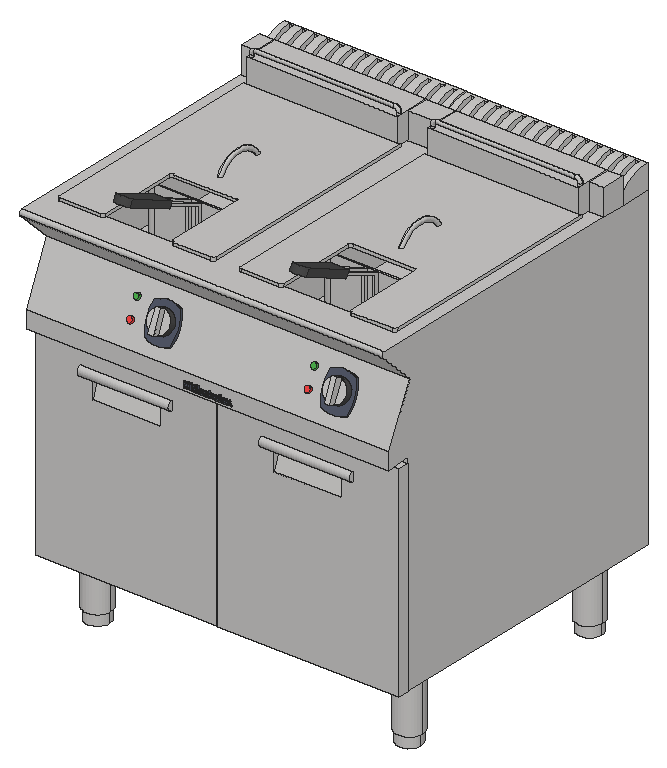
Revit family "QF_ELECTROLUXPROFESSIONAL_371144_E7FREH2FFN", category Specialty Equipment, Revit 2018 (continued)
Automatic sketch dimensions
  Extrusion 12 sketch curve to Extrusion 12 sketch curve = 106.78 mm
  Extrusion 12 sketch curve to Extrusion 12 sketch curve = 18.617 mm
  Extrusion 13 sketch curve to plane 11 = 1.013 mm
  Extrusion 13 sketch curve to plane 11 = 3.696 mm
  Extrusion 13 sketch curve to plane 10 "TOP A" = 11.567 mm
  Extrusion 13 sketch curve to plane 11 = 84.899 mm
  Extrusion 13 sketch curve to plane 10 "TOP A" = 7.522 mm
  Extrusion 13 sketch curve to Extrusion 13 sketch curve = 6.35 mm
  Extrusion 13 sketch curve to Extrusion 13 sketch curve = 97.432 mm
  Extrusion 14 sketch curve to plane 11 = 1.013 mm
  Extrusion 14 sketch curve to plane 11 = 3.696 mm
  Extrusion 14 sketch curve to plane 10 "TOP A" = 11.567 mm
  Extrusion 14 sketch curve to plane 11 = 84.899 mm
  Extrusion 14 sketch curve to Extrusion 14 sketch curve = 6.35 mm
  Extrusion 14 sketch curve to plane 10 "TOP A" = 7.522 mm
  Extrusion 14 sketch curve to Extrusion 14 sketch curve = 97.432 mm
  Sweep 15 sketch curve to plane 10 "TOP A" = 0 mm  (x2)
  Sweep 15 sketch curve to plane 8 "Center X" = 67.263 mm
  Sweep 15 sketch curve to plane 8 "Center X" = 12.824 mm
  Sweep 15 sketch curve to plane 10 "TOP A" = 26.978 mm
  Sweep 15 sketch curve to profile plane = 0 mm  (x2)
  Sweep 16 sketch curve to plane 10 "TOP A" = 0 mm  (x2)
  Sweep 16 sketch curve to plane 8 "Center X" = 67.263 mm
  Sweep 16 sketch curve to plane 8 "Center X" = 12.824 mm
  Sweep 16 sketch curve to plane 10 "TOP A" = 26.978 mm
  Sweep 16 sketch curve to profile plane = 0 mm
  profile plane to Sweep 16 sketch curve = 0 mm
  plane 7 "Center Y" to Extrusion 17 sketch curve = 175.907 mm
  Extrusion 17 sketch curve to Extrusion 17 sketch curve = 0 mm
  Extrusion 17 sketch curve to Extrusion 17 sketch curve = 11.832 mm
  Extrusion 17 sketch curve to Extrusion 17 sketch curve = 106.78 mm
  Extrusion 17 sketch curve to Extrusion 17 sketch curve = 18.617 mm
  Extrusion 19 sketch curve to plane 11 = 1.013 mm
  Extrusion 19 sketch curve to plane 11 = 3.696 mm
  Extrusion 19 sketch curve to plane 10 "TOP A" = 11.567 mm
  Extrusion 19 sketch curve to plane 11 = 84.899 mm
  Extrusion 19 sketch curve to plane 10 "TOP A" = 7.522 mm
  Extrusion 19 sketch curve to Extrusion 19 sketch curve = 6.35 mm
  Extrusion 19 sketch curve to Extrusion 19 sketch curve = 97.432 mm
  Extrusion 20 sketch curve to plane 11 = 1.013 mm
  Extrusion 20 sketch curve to plane 11 = 3.696 mm
  Extrusion 20 sketch curve to plane 10 "TOP A" = 11.567 mm
  Extrusion 20 sketch curve to plane 11 = 84.899 mm
  Extrusion 20 sketch curve to Extrusion 20 sketch curve = 6.35 mm
  Extrusion 20 sketch curve to Extrusion 20 sketch curve = 97.432 mm
  Extrusion 20 sketch curve to plane 10 "TOP A" = 7.522 mm
  plane 1 "BACK" to Extrusion 21 sketch curve = 6.761 mm
  Extrusion 21 sketch curve to plane 7 "Center Y" = 15.351 mm
  Extrusion 21 sketch curve to Extrusion 21 sketch curve = 9.296 mm
  Extrusion 21 sketch curve to Extrusion 21 sketch curve = 57.15 mm
  plane 1 "BACK" to Extrusion 22 sketch curve = 6.761 mm
  plane 3 "LEFT" to Extrusion 22 sketch curve = 50.591 mm
  Extrusion 22 sketch curve to Extrusion 22 sketch curve = 9.296 mm
  Extrusion 22 sketch curve to Extrusion 22 sketch curve = 57.15 mm
  plane 1 "BACK" to Extrusion 23 sketch curve = 6.761 mm
  plane 3 "LEFT" to Extrusion 23 sketch curve = 78.433 mm
  Extrusion 23 sketch curve to Extrusion 23 sketch curve = 9.296 mm
  Extrusion 23 sketch curve to Extrusion 23 sketch curve = 57.15 mm
  plane 1 "BACK" to Extrusion 24 sketch curve = 6.761 mm
  plane 3 "LEFT" to Extrusion 24 sketch curve = 106.275 mm
  Extrusion 24 sketch curve to Extrusion 24 sketch curve = 9.296 mm
  Extrusion 24 sketch curve to Extrusion 24 sketch curve = 57.15 mm
  plane 1 "BACK" to Extrusion 25 sketch curve = 6.761 mm
  plane 3 "LEFT" to Extrusion 25 sketch curve = 134.118 mm
  Extrusion 25 sketch curve to Extrusion 25 sketch curve = 9.296 mm
  Extrusion 25 sketch curve to Extrusion 25 sketch curve = 57.15 mm
  plane 1 "BACK" to Extrusion 26 sketch curve = 6.761 mm
  plane 3 "LEFT" to Extrusion 26 sketch curve = 161.96 mm
  Extrusion 26 sketch curve to Extrusion 26 sketch curve = 9.296 mm
  Extrusion 26 sketch curve to Extrusion 26 sketch curve = 57.15 mm
  plane 1 "BACK" to Extrusion 27 sketch curve = 6.761 mm
  plane 3 "LEFT" to Extrusion 27 sketch curve = 189.802 mm
  Extrusion 27 sketch curve to Extrusion 27 sketch curve = 9.296 mm
  Extrusion 27 sketch curve to Extrusion 27 sketch curve = 57.15 mm
  plane 1 "BACK" to Extrusion 28 sketch curve = 6.761 mm
  Extrusion 28 sketch curve to plane 7 "Center Y" = 182.405 mm
  Extrusion 28 sketch curve to Extrusion 28 sketch curve = 9.296 mm
  Extrusion 28 sketch curve to Extrusion 28 sketch curve = 57.15 mm
  plane 1 "BACK" to Extrusion 29 sketch curve = 6.761 mm
  Extrusion 29 sketch curve to plane 7 "Center Y" = 154.563 mm
  Extrusion 29 sketch curve to Extrusion 29 sketch curve = 9.296 mm
  Extrusion 29 sketch curve to Extrusion 29 sketch curve = 57.15 mm
  plane 1 "BACK" to Extrusion 30 sketch curve = 6.761 mm
  Extrusion 30 sketch curve to plane 7 "Center Y" = 126.721 mm
  Extrusion 30 sketch curve to Extrusion 30 sketch curve = 9.296 mm
  Extrusion 30 sketch curve to Extrusion 30 sketch curve = 57.15 mm
  plane 1 "BACK" to Extrusion 31 sketch curve = 6.761 mm
  Extrusion 31 sketch curve to plane 7 "Center Y" = 98.878 mm
  Extrusion 31 sketch curve to Extrusion 31 sketch curve = 9.296 mm
  Extrusion 31 sketch curve to Extrusion 31 sketch curve = 57.15 mm
  plane 1 "BACK" to Extrusion 32 sketch curve = 6.761 mm
  Extrusion 32 sketch curve to plane 7 "Center Y" = 71.036 mm
  Extrusion 32 sketch curve to Extrusion 32 sketch curve = 9.296 mm
  Extrusion 32 sketch curve to Extrusion 32 sketch curve = 57.15 mm
  plane 1 "BACK" to Extrusion 33 sketch curve = 6.761 mm
  Extrusion 33 sketch curve to plane 7 "Center Y" = 43.194 mm
  Extrusion 33 sketch curve to Extrusion 33 sketch curve = 9.296 mm
  Extrusion 33 sketch curve to Extrusion 33 sketch curve = 57.15 mm
  Extrusion 35 sketch curve to plane 1 "BACK" = 6.761 mm
  Extrusion 35 sketch curve to plane 7 "Center Y" = 15.351 mm
  Extrusion 35 sketch curve to Extrusion 35 sketch curve = 9.296 mm
  Extrusion 35 sketch curve to Extrusion 35 sketch curve = 57.15 mm
  Extrusion 42 sketch curve to plane 1 "BACK" = 6.761 mm
  Extrusion 42 sketch curve to plane 7 "Center Y" = 182.405 mm
  Extrusion 42 sketch curve to Extrusion 42 sketch curve = 9.296 mm
  Extrusion 42 sketch curve to Extrusion 42 sketch curve = 57.15 mm
  Extrusion 43 sketch curve to plane 1 "BACK" = 6.761 mm
  Extrusion 43 sketch curve to plane 7 "Center Y" = 154.563 mm
  Extrusion 43 sketch curve to Extrusion 43 sketch curve = 9.296 mm
  Extrusion 43 sketch curve to Extrusion 43 sketch curve = 57.15 mm
  Extrusion 44 sketch curve to plane 1 "BACK" = 6.761 mm
  Extrusion 44 sketch curve to plane 7 "Center Y" = 126.721 mm
  Extrusion 44 sketch curve to Extrusion 44 sketch curve = 9.296 mm
  Extrusion 44 sketch curve to Extrusion 44 sketch curve = 57.15 mm
  Extrusion 45 sketch curve to plane 1 "BACK" = 6.761 mm
  Extrusion 45 sketch curve to plane 7 "Center Y" = 98.878 mm
  Extrusion 45 sketch curve to Extrusion 45 sketch curve = 9.296 mm
  Extrusion 45 sketch curve to Extrusion 45 sketch curve = 57.15 mm
  Extrusion 46 sketch curve to plane 1 "BACK" = 6.761 mm
  Extrusion 46 sketch curve to plane 7 "Center Y" = 71.036 mm
  Extrusion 46 sketch curve to Extrusion 46 sketch curve = 9.296 mm
  Extrusion 46 sketch curve to Extrusion 46 sketch curve = 57.15 mm
  Extrusion 47 sketch curve to plane 1 "BACK" = 6.761 mm
  Extrusion 47 sketch curve to plane 7 "Center Y" = 43.194 mm
  Extrusion 47 sketch curve to Extrusion 47 sketch curve = 9.296 mm
  Extrusion 47 sketch curve to Extrusion 47 sketch curve = 57.15 mm
  plane 1 "BACK" to Extrusion 48 sketch curve = 0 mm
  plane 7 "Center Y" to Extrusion 48 sketch curve = 1.587 mm
  Extrusion 48 sketch curve to plane 7 "Center Y" = 1.588 mm
  Extrusion 48 sketch curve to plane 1 "BACK" = 69.85 mm
  Extrusion 50 sketch curve to plane 5 "FRONT" = 42.863 mm
  Extrusion 50 sketch curve to Extrusion 50 sketch curve = 15 mm
  Extrusion 50 sketch curve to plane 9 "BASE" = 101.212 mm
  Extrusion 50 sketch curve to Extrusion 50 sketch curve = 41.212 mm
  Extrusion 51 sketch curve to plane 5 "FRONT" = 42.863 mm
  Extrusion 51 sketch curve to plane 9 "BASE" = 60 mm
  Extrusion 51 sketch curve to Extrusion 51 sketch curve = 10 mm
  Extrusion 52 sketch curve to plane 5 "FRONT" = 42.863 mm
  Extrusion 52 sketch curve to Extrusion 52 sketch curve = 15 mm
  Extrusion 52 sketch curve to plane 9 "BASE" = 60 mm
  Extrusion 52 sketch curve to Extrusion 52 sketch curve = 41.212 mm
  Extrusion 53 sketch curve to plane 5 "FRONT" = 42.863 mm
  Extrusion 53 sketch curve to plane 9 "BASE" = 40 mm
  Extrusion 53 sketch curve to Extrusion 53 sketch curve = 10 mm
  Revolve 54 sketch curve to level = 0 mm
  Revolve 54 sketch curve to plane 14 = 0 mm  (x2)
  level to Revolve 54 sketch curve = 25 mm
  Revolve 54 sketch curve to Revolve 54 sketch curve = 20 mm
  plane 3 "LEFT" to Revolve 54 sketch curve = 56 mm
  Revolve 54 sketch curve to Revolve 54 sketch curve = 0 mm
  plane 3 "LEFT" to Revolve 54 sketch curve = 29.75 mm
  plane 3 "LEFT" to Revolve 54 sketch curve = 26 mm
  Revolve 55 sketch curve to level = 0 mm
  Revolve 55 sketch curve to plane 14 = 0 mm  (x2)
  level to Revolve 55 sketch curve = 25 mm
  Revolve 55 sketch curve to Revolve 55 sketch curve = 20 mm
  plane 3 "LEFT" to Revolve 55 sketch curve = 56 mm
  Revolve 55 sketch curve to Revolve 55 sketch curve = 0 mm
  plane 3 "LEFT" to Revolve 55 sketch curve = 29.75 mm
  plane 3 "LEFT" to Revolve 55 sketch curve = 26 mm
  plane 9 "BASE" to Extrusion 58 sketch curve = 9.251 mm
  plane 9 "BASE" to Extrusion 58 sketch curve = 14.292 mm
  plane 9 "BASE" to Extrusion 58 sketch curve = 14.311 mm
  Extrusion 58 sketch curve to Extrusion 58 sketch curve = 0 mm  (x28)
  Extrusion 58 sketch curve to Extrusion 58 sketch curve = 5.108 mm  (x2)
  Extrusion 58 sketch curve to Extrusion 58 sketch curve = 0.054 mm
  Extrusion 58 sketch curve to Extrusion 58 sketch curve = 0.218 mm
  Extrusion 58 sketch curve to Extrusion 58 sketch curve = 0.195 mm
  Extrusion 58 sketch curve to Extrusion 58 sketch curve = 0.249 mm
  plane 9 "BASE" to Extrusion 58 sketch curve = 14.608 mm
  Extrusion 58 sketch curve to Extrusion 58 sketch curve = 0.087 mm
  Extrusion 58 sketch curve to Extrusion 58 sketch curve = 0.358 mm
  Extrusion 58 sketch curve to Extrusion 58 sketch curve = 0.481 mm
  Extrusion 58 sketch curve to Extrusion 58 sketch curve = 0.597 mm
  Extrusion 58 sketch curve to Extrusion 58 sketch curve = 0.544 mm
  Extrusion 58 sketch curve to Extrusion 58 sketch curve = 0.936 mm
  Extrusion 58 sketch curve to Extrusion 58 sketch curve = 0.594 mm
  Extrusion 58 sketch curve to Extrusion 58 sketch curve = 0.343 mm
  Extrusion 58 sketch curve to Extrusion 58 sketch curve = 0.159 mm
  Extrusion 58 sketch curve to Extrusion 58 sketch curve = 0.826 mm
  Extrusion 58 sketch curve to Extrusion 58 sketch curve = 0.839 mm
  Extrusion 58 sketch curve to Extrusion 58 sketch curve = 0.852 mm
  Extrusion 58 sketch curve to Extrusion 58 sketch curve = 0.887 mm
  Extrusion 58 sketch curve to Extrusion 58 sketch curve = 0.928 mm
  Extrusion 58 sketch curve to Extrusion 58 sketch curve = 0.938 mm
  Extrusion 58 sketch curve to Extrusion 58 sketch curve = 0.444 mm
  Extrusion 58 sketch curve to Extrusion 58 sketch curve = 1.11 mm  (x3)
  Extrusion 58 sketch curve to Extrusion 58 sketch curve = 0.215 mm
  Extrusion 58 sketch curve to Extrusion 58 sketch curve = 1.43 mm
  Extrusion 58 sketch curve to Extrusion 58 sketch curve = 1.188 mm
  Extrusion 58 sketch curve to Extrusion 58 sketch curve = 1.21 mm  (x2)
  Extrusion 58 sketch curve to Extrusion 58 sketch curve = 0.503 mm
  Extrusion 58 sketch curve to Extrusion 58 sketch curve = 0.488 mm
  Extrusion 58 sketch curve to Extrusion 58 sketch curve = 0.462 mm
  Extrusion 58 sketch curve to Extrusion 58 sketch curve = 1.386 mm
  Extrusion 58 sketch curve to Extrusion 58 sketch curve = 1.742 mm  (x2)
  Extrusion 58 sketch curve to Extrusion 58 sketch curve = 0.821 mm
  Extrusion 58 sketch curve to Extrusion 58 sketch curve = 0.497 mm
  Extrusion 58 sketch curve to Extrusion 58 sketch curve = 0.539 mm
  Extrusion 58 sketch curve to Extrusion 58 sketch curve = 0.686 mm
  Extrusion 58 sketch curve to Extrusion 58 sketch curve = 0.408 mm
  Extrusion 58 sketch curve to Extrusion 58 sketch curve = 0.743 mm
  Extrusion 58 sketch curve to Extrusion 58 sketch curve = 1.16 mm
  Extrusion 58 sketch curve to Extrusion 58 sketch curve = 0.329 mm
  Extrusion 58 sketch curve to Extrusion 58 sketch curve = 1.054 mm
  Extrusion 58 sketch curve to Extrusion 58 sketch curve = 1.056 mm
  Extrusion 58 sketch curve to Extrusion 58 sketch curve = 0.129 mm
  Extrusion 58 sketch curve to Extrusion 58 sketch curve = 0.489 mm
  Extrusion 58 sketch curve to Extrusion 58 sketch curve = 0.441 mm
  Extrusion 58 sketch curve to Extrusion 58 sketch curve = 1.151 mm
  Extrusion 58 sketch curve to Extrusion 58 sketch curve = 1.141 mm  (x2)
  Extrusion 58 sketch curve to Extrusion 58 sketch curve = 0.768 mm
  Extrusion 58 sketch curve to Extrusion 58 sketch curve = 1.653 mm
  Extrusion 58 sketch curve to Extrusion 58 sketch curve = 0.499 mm
  Extrusion 58 sketch curve to Extrusion 58 sketch curve = 0.964 mm
  Extrusion 58 sketch curve to Extrusion 58 sketch curve = 0.949 mm
  Extrusion 58 sketch curve to Extrusion 58 sketch curve = 1.345 mm  (x3)
  Extrusion 58 sketch curve to Extrusion 58 sketch curve = 0.137 mm  (x2)
  Extrusion 58 sketch curve to Extrusion 58 sketch curve = 0.432 mm
  Extrusion 58 sketch curve to Extrusion 58 sketch curve = 1.142 mm
  Extrusion 58 sketch curve to Extrusion 58 sketch curve = 0.959 mm
  Extrusion 58 sketch curve to Extrusion 58 sketch curve = 0.176 mm
  Extrusion 58 sketch curve to Extrusion 58 sketch curve = 0.728 mm
  Extrusion 58 sketch curve to Extrusion 58 sketch curve = 3.375 mm  (x2)
  Extrusion 58 sketch curve to Extrusion 58 sketch curve = 1.905 mm
  Extrusion 58 sketch curve to Extrusion 58 sketch curve = 0.955 mm
  Extrusion 58 sketch curve to Extrusion 58 sketch curve = 1.251 mm
  Extrusion 58 sketch curve to Extrusion 58 sketch curve = 0.572 mm
  Extrusion 58 sketch curve to Extrusion 58 sketch curve = 1.92 mm
  Extrusion 58 sketch curve to Extrusion 58 sketch curve = 1.224 mm
  Extrusion 58 sketch curve to Extrusion 58 sketch curve = 0.745 mm
  Extrusion 58 sketch curve to Extrusion 58 sketch curve = 2.537 mm
  Extrusion 58 sketch curve to Extrusion 58 sketch curve = 0.896 mm  (x3)
  Extrusion 58 sketch curve to Extrusion 58 sketch curve = 0.036 mm
  Extrusion 58 sketch curve to Extrusion 58 sketch curve = 2.607 mm
  Extrusion 58 sketch curve to Extrusion 58 sketch curve = 0.066 mm
  Extrusion 58 sketch curve to Extrusion 58 sketch curve = 0.248 mm
  Extrusion 58 sketch curve to Extrusion 58 sketch curve = 0.449 mm
  Extrusion 58 sketch curve to Extrusion 58 sketch curve = 1.052 mm
  Extrusion 58 sketch curve to Extrusion 58 sketch curve = 1.863 mm
  Extrusion 58 sketch curve to Extrusion 58 sketch curve = 1.31 mm  (x2)
  Extrusion 58 sketch curve to Extrusion 58 sketch curve = 0.901 mm
  Extrusion 58 sketch curve to Extrusion 58 sketch curve = 1.107 mm
  Extrusion 58 sketch curve to Extrusion 58 sketch curve = 2.122 mm
  Extrusion 58 sketch curve to Extrusion 58 sketch curve = 2.101 mm
  Extrusion 58 sketch curve to Extrusion 58 sketch curve = 0.106 mm
  Extrusion 58 sketch curve to Extrusion 58 sketch curve = 0.029 mm
  Extrusion 58 sketch curve to Extrusion 58 sketch curve = 2.09 mm
  Extrusion 58 sketch curve to Extrusion 58 sketch curve = 1.279 mm
  Extrusion 58 sketch curve to Extrusion 58 sketch curve = 2.008 mm
  Extrusion 58 sketch curve to Extrusion 58 sketch curve = 0.738 mm
  Extrusion 58 sketch curve to Extrusion 58 sketch curve = 0.382 mm
  Extrusion 58 sketch curve to Extrusion 58 sketch curve = 0.384 mm
  Extrusion 58 sketch curve to Extrusion 58 sketch curve = 0.002 mm
  Extrusion 58 sketch curve to Extrusion 58 sketch curve = 0.561 mm
  Extrusion 58 sketch curve to Extrusion 58 sketch curve = 0.592 mm
  Extrusion 58 sketch curve to Extrusion 58 sketch curve = 2.692 mm
  Extrusion 58 sketch curve to Extrusion 58 sketch curve = 1.259 mm
  Extrusion 58 sketch curve to Extrusion 58 sketch curve = 0.802 mm
  Extrusion 58 sketch curve to Extrusion 58 sketch curve = 1.024 mm  (x2)
  Extrusion 58 sketch curve to Extrusion 58 sketch curve = 0.682 mm
  Extrusion 58 sketch curve to Extrusion 58 sketch curve = 5.934 mm
  Extrusion 58 sketch curve to Extrusion 58 sketch curve = 2.186 mm
  Extrusion 58 sketch curve to Extrusion 58 sketch curve = 0.337 mm
  Extrusion 58 sketch curve to Extrusion 58 sketch curve = 0.021 mm
  Extrusion 58 sketch curve to Extrusion 58 sketch curve = 1.005 mm
  Extrusion 58 sketch curve to Extrusion 58 sketch curve = 0.552 mm
  Extrusion 58 sketch curve to Extrusion 58 sketch curve = 0.778 mm
  Extrusion 58 sketch curve to Extrusion 58 sketch curve = 0.063 mm
  Extrusion 58 sketch curve to Extrusion 58 sketch curve = 1.023 mm
  Extrusion 58 sketch curve to Extrusion 58 sketch curve = 3.804 mm
  Extrusion 58 sketch curve to Extrusion 58 sketch curve = 0.486 mm
  Extrusion 58 sketch curve to Extrusion 58 sketch curve = 0.266 mm
  Extrusion 58 sketch curve to Extrusion 58 sketch curve = 1.547 mm
  Extrusion 58 sketch curve to Extrusion 58 sketch curve = 0.717 mm  (x2)
  Extrusion 58 sketch curve to Extrusion 58 sketch curve = 1.667 mm
  Extrusion 58 sketch curve to Extrusion 58 sketch curve = 3.174 mm
  Extrusion 58 sketch curve to Extrusion 58 sketch curve = 0.388 mm
  Extrusion 58 sketch curve to Extrusion 58 sketch curve = 1.342 mm
  Extrusion 58 sketch curve to Extrusion 58 sketch curve = 1.521 mm
  Extrusion 58 sketch curve to Extrusion 58 sketch curve = 0.124 mm
  Extrusion 58 sketch curve to Extrusion 58 sketch curve = 0.291 mm
  Extrusion 58 sketch curve to Extrusion 58 sketch curve = 1.049 mm  (x2)
  Extrusion 58 sketch curve to Extrusion 58 sketch curve = 1.7 mm
  Extrusion 58 sketch curve to Extrusion 58 sketch curve = 0.894 mm
  Extrusion 58 sketch curve to Extrusion 58 sketch curve = 0.989 mm
  Extrusion 58 sketch curve to Extrusion 58 sketch curve = 1.168 mm
  Extrusion 58 sketch curve to Extrusion 58 sketch curve = 1.594 mm
  Extrusion 58 sketch curve to Extrusion 58 sketch curve = 0.731 mm
  Extrusion 58 sketch curve to Extrusion 58 sketch curve = 1.566 mm
  Extrusion 58 sketch curve to Extrusion 58 sketch curve = 0.064 mm
  Extrusion 58 sketch curve to Extrusion 58 sketch curve = 0.556 mm  (x2)
  Extrusion 58 sketch curve to Extrusion 58 sketch curve = 0.48 mm
  Extrusion 58 sketch curve to Extrusion 58 sketch curve = 1.018 mm
  Extrusion 58 sketch curve to Extrusion 58 sketch curve = 0.787 mm
  Extrusion 58 sketch curve to Extrusion 58 sketch curve = 0.618 mm
  Extrusion 58 sketch curve to Extrusion 58 sketch curve = 1.672 mm
  Extrusion 58 sketch curve to Extrusion 58 sketch curve = 1.361 mm
  Extrusion 58 sketch curve to Extrusion 58 sketch curve = 0.822 mm
  Extrusion 58 sketch curve to Extrusion 58 sketch curve = 0.069 mm
  Extrusion 58 sketch curve to Extrusion 58 sketch curve = 1.88 mm
  Extrusion 58 sketch curve to Extrusion 58 sketch curve = 0.42 mm
  Extrusion 58 sketch curve to Extrusion 58 sketch curve = 0.062 mm
  Extrusion 58 sketch curve to Extrusion 58 sketch curve = 1.355 mm
  Extrusion 58 sketch curve to Extrusion 58 sketch curve = 2.34 mm
  Extrusion 58 sketch curve to Extrusion 58 sketch curve = 0.493 mm
  Extrusion 58 sketch curve to Extrusion 58 sketch curve = 0.136 mm
  Extrusion 58 sketch curve to Extrusion 58 sketch curve = 0.128 mm
  Extrusion 58 sketch curve to Extrusion 58 sketch curve = 3.616 mm
  Extrusion 58 sketch curve to Extrusion 58 sketch curve = 4.207 mm
  Extrusion 58 sketch curve to Extrusion 58 sketch curve = 0.183 mm
  Extrusion 58 sketch curve to Extrusion 58 sketch curve = 0.895 mm
  Extrusion 58 sketch curve to Extrusion 58 sketch curve = 1.314 mm
  Extrusion 58 sketch curve to Extrusion 58 sketch curve = 3.231 mm
  Extrusion 58 sketch curve to Extrusion 58 sketch curve = 1.299 mm
  Extrusion 58 sketch curve to Extrusion 58 sketch curve = 1.214 mm
  Extrusion 58 sketch curve to Extrusion 58 sketch curve = 1.264 mm
  Extrusion 58 sketch curve to Extrusion 58 sketch curve = 0.109 mm
  Extrusion 58 sketch curve to Extrusion 58 sketch curve = 0.357 mm
  Extrusion 58 sketch curve to Extrusion 58 sketch curve = 0.565 mm
  Extrusion 58 sketch curve to Extrusion 58 sketch curve = 2.504 mm
  Extrusion 58 sketch curve to Extrusion 58 sketch curve = 2.459 mm
  plane 7 "Center Y" to Extrusion 58 sketch curve = 53.744 mm
  Extrusion 58 sketch curve to Extrusion 58 sketch curve = 0.208 mm
  Extrusion 58 sketch curve to Extrusion 58 sketch curve = 0.468 mm  (x2)
  Extrusion 58 sketch curve to Extrusion 58 sketch curve = 1.559 mm
  Extrusion 58 sketch curve to Extrusion 58 sketch curve = 0.422 mm  (x2)
  Extrusion 58 sketch curve to Extrusion 58 sketch curve = 0.494 mm
  Extrusion 58 sketch curve to Extrusion 58 sketch curve = 3.927 mm
  Extrusion 58 sketch curve to Extrusion 58 sketch curve = 0.782 mm
  Extrusion 58 sketch curve to Extrusion 58 sketch curve = 1.268 mm
  Extrusion 58 sketch curve to Extrusion 58 sketch curve = 0.671 mm
  Extrusion 58 sketch curve to Extrusion 58 sketch curve = 0.777 mm
  Extrusion 58 sketch curve to Extrusion 58 sketch curve = 0.704 mm
  Extrusion 58 sketch curve to Extrusion 58 sketch curve = 0.781 mm  (x2)
  Extrusion 58 sketch curve to Extrusion 58 sketch curve = 1.634 mm
  Extrusion 58 sketch curve to Extrusion 58 sketch curve = 0.132 mm
  Extrusion 58 sketch curve to Extrusion 58 sketch curve = 3.136 mm
  Extrusion 58 sketch curve to Extrusion 58 sketch curve = 2.422 mm
  Extrusion 58 sketch curve to Extrusion 58 sketch curve = 0.586 mm
  Extrusion 58 sketch curve to Extrusion 58 sketch curve = 2.046 mm  (x2)
  Extrusion 58 sketch curve to Extrusion 58 sketch curve = 1.241 mm
  Extrusion 58 sketch curve to Extrusion 58 sketch curve = 1.689 mm
  Extrusion 58 sketch curve to Extrusion 58 sketch curve = 2.859 mm
  Extrusion 58 sketch curve to Extrusion 58 sketch curve = 0.627 mm
  Extrusion 58 sketch curve to Extrusion 58 sketch curve = 0.863 mm
  Extrusion 58 sketch curve to Extrusion 58 sketch curve = 0.419 mm
  Extrusion 58 sketch curve to Extrusion 58 sketch curve = 1.514 mm
  Extrusion 58 sketch curve to Extrusion 58 sketch curve = 1.019 mm
  Extrusion 58 sketch curve to Extrusion 58 sketch curve = 0.065 mm
  Extrusion 58 sketch curve to Extrusion 58 sketch curve = 1.215 mm
  Extrusion 58 sketch curve to Extrusion 58 sketch curve = 2.708 mm
  Extrusion 58 sketch curve to Extrusion 58 sketch curve = 1.122 mm
  Extrusion 58 sketch curve to Extrusion 58 sketch curve = 1.153 mm
  Extrusion 58 sketch curve to Extrusion 58 sketch curve = 3.009 mm
  Extrusion 58 sketch curve to Extrusion 58 sketch curve = 0.829 mm  (x2)
  Extrusion 58 sketch curve to Extrusion 58 sketch curve = 0.934 mm
  Extrusion 58 sketch curve to Extrusion 58 sketch curve = 3.376 mm
  Extrusion 58 sketch curve to Extrusion 58 sketch curve = 0.222 mm
  Extrusion 58 sketch curve to Extrusion 58 sketch curve = 1.383 mm
  Extrusion 58 sketch curve to Extrusion 58 sketch curve = 1.556 mm
  Extrusion 58 sketch curve to Extrusion 58 sketch curve = 2.559 mm
  Extrusion 58 sketch curve to Extrusion 58 sketch curve = 2.51 mm
  Extrusion 58 sketch curve to Extrusion 58 sketch curve = 0.131 mm
  Extrusion 58 sketch curve to Extrusion 58 sketch curve = 1.717 mm
  Extrusion 58 sketch curve to Extrusion 58 sketch curve = 1.134 mm
  Extrusion 58 sketch curve to Extrusion 58 sketch curve = 0.366 mm
  Extrusion 58 sketch curve to Extrusion 58 sketch curve = 0.094 mm
  Extrusion 58 sketch curve to Extrusion 58 sketch curve = 1.584 mm
  Extrusion 58 sketch curve to Extrusion 58 sketch curve = 1.501 mm
  Extrusion 58 sketch curve to Extrusion 58 sketch curve = 0.27 mm
  Extrusion 58 sketch curve to Extrusion 58 sketch curve = 1.808 mm
  Extrusion 58 sketch curve to Extrusion 58 sketch curve = 0.643 mm
  Extrusion 58 sketch curve to Extrusion 58 sketch curve = 0.916 mm
  Extrusion 58 sketch curve to Extrusion 58 sketch curve = 0.352 mm
  Extrusion 58 sketch curve to Extrusion 58 sketch curve = 0.458 mm
  Extrusion 58 sketch curve to Extrusion 58 sketch curve = 1.282 mm
  Extrusion 58 sketch curve to Extrusion 58 sketch curve = 1.363 mm
  Extrusion 58 sketch curve to Extrusion 58 sketch curve = 0.685 mm
  Extrusion 58 sketch curve to Extrusion 58 sketch curve = 0.905 mm
  Extrusion 58 sketch curve to Extrusion 58 sketch curve = 2.865 mm
  Extrusion 58 sketch curve to Extrusion 58 sketch curve = 0.472 mm
  Extrusion 58 sketch curve to Extrusion 58 sketch curve = 0.101 mm
  Extrusion 58 sketch curve to Extrusion 58 sketch curve = 0.54 mm
  Extrusion 58 sketch curve to Extrusion 58 sketch curve = 0.02 mm
  Extrusion 58 sketch curve to Extrusion 58 sketch curve = 0.582 mm
  Extrusion 58 sketch curve to Extrusion 58 sketch curve = 0.166 mm
  Extrusion 58 sketch curve to Extrusion 58 sketch curve = 0.16 mm
  Extrusion 58 sketch curve to Extrusion 58 sketch curve = 2.781 mm
  Extrusion 58 sketch curve to Extrusion 58 sketch curve = 1.118 mm
  Extrusion 58 sketch curve to Extrusion 58 sketch curve = 0.613 mm
  Extrusion 58 sketch curve to Extrusion 58 sketch curve = 0.361 mm
  Extrusion 58 sketch curve to Extrusion 58 sketch curve = 0.897 mm
  Extrusion 58 sketch curve to Extrusion 58 sketch curve = 0.167 mm
  Extrusion 58 sketch curve to Extrusion 58 sketch curve = 0.292 mm
  Extrusion 58 sketch curve to Extrusion 58 sketch curve = 0.305 mm
  Extrusion 58 sketch curve to Extrusion 58 sketch curve = 1.557 mm
  Extrusion 58 sketch curve to Extrusion 58 sketch curve = 2.499 mm
  Extrusion 58 sketch curve to Extrusion 58 sketch curve = 3.062 mm
  Extrusion 58 sketch curve to Extrusion 58 sketch curve = 2.968 mm
  Extrusion 58 sketch curve to Extrusion 58 sketch curve = 5.044 mm
  Extrusion 58 sketch curve to Extrusion 58 sketch curve = 0.629 mm  (x2)
  Extrusion 58 sketch curve to Extrusion 58 sketch curve = 1.131 mm
  Extrusion 58 sketch curve to Extrusion 58 sketch curve = 0.027 mm
  Extrusion 58 sketch curve to Extrusion 58 sketch curve = 2.235 mm
  plane 3 "LEFT" to curve 170 = 13.453 mm
  curve 170 to curve 170 = 9.296 mm
  curve 170 to curve 172 = 18.547 mm
  curve 172 to curve 172 = 9.296 mm
  curve 172 to curve 173 = 18.547 mm
  curve 173 to curve 173 = 9.296 mm
  curve 173 to curve 174 = 18.547 mm
  curve 174 to curve 174 = 9.296 mm
  curve 174 to curve 175 = 18.547 mm
  curve 175 to curve 175 = 9.296 mm
  curve 175 to curve 176 = 18.547 mm
  curve 176 to curve 176 = 9.296 mm
  curve 176 to curve 177 = 18.547 mm
  curve 177 to curve 177 = 9.296 mm
  curve 177 to curve 178 = 18.547 mm
  curve 178 to curve 178 = 9.296 mm
  curve 178 to curve 179 = 18.547 mm
  curve 179 to curve 179 = 9.296 mm
  curve 179 to curve 180 = 18.547 mm
  curve 180 to curve 180 = 9.296 mm
  curve 180 to curve 181 = 18.547 mm
  curve 181 to curve 181 = 9.296 mm
  curve 181 to curve 182 = 18.547 mm
  curve 182 to curve 182 = 9.296 mm
  curve 182 to curve 183 = 18.547 mm
  curve 183 to curve 183 = 9.296 mm
  curve 183 to curve 171 = 18.547 mm
  curve 171 to curve 171 = 9.296 mm
  plane 7 "Center Y" to curve 185 = 15.351 mm
  curve 185 to curve 185 = 9.296 mm
  curve 185 to curve 197 = 18.547 mm
  curve 197 to curve 197 = 9.296 mm
  curve 197 to curve 196 = 18.547 mm
  curve 196 to curve 196 = 9.296 mm
  curve 196 to curve 195 = 18.547 mm
  curve 195 to curve 195 = 9.296 mm
  curve 195 to curve 194 = 18.547 mm
  curve 194 to curve 194 = 9.296 mm
  curve 194 to curve 193 = 18.547 mm
  curve 193 to curve 193 = 9.296 mm
  curve 193 to curve 192 = 18.547 mm
  curve 192 to curve 192 = 9.296 mm
  curve 192 to curve 191 = 18.547 mm
  curve 191 to curve 191 = 9.296 mm
  curve 191 to curve 190 = 18.547 mm
  curve 190 to curve 190 = 9.296 mm
  curve 190 to curve 189 = 18.547 mm
  curve 189 to curve 189 = 9.296 mm
  curve 189 to curve 188 = 18.547 mm
  curve 188 to curve 188 = 9.296 mm
  curve 188 to curve 187 = 18.547 mm
  curve 187 to curve 187 = 9.296 mm
  curve 187 to curve 186 = 18.547 mm
  curve 186 to curve 186 = 9.296 mm
  curve 186 to curve 184 = 18.547 mm
  curve 184 to curve 184 = 9.296 mm
  plane 1 "BACK" to curve 170 = 63.911 mm
  plane 1 "BACK" to curve 171 = 63.911 mm
  curve 170 to curve 172 = 0 mm
  curve 172 to curve 173 = 0 mm
  curve 173 to curve 174 = 0 mm
  curve 174 to curve 175 = 0 mm
  curve 175 to curve 176 = 0 mm
  curve 176 to curve 177 = 0 mm
  curve 177 to curve 178 = 0 mm
  curve 178 to curve 179 = 0 mm
  curve 179 to curve 180 = 0 mm
  curve 180 to curve 181 = 0 mm
  curve 181 to curve 182 = 0 mm
  curve 182 to curve 183 = 0 mm
  plane 1 "BACK" to curve 184 = 63.911 mm
  curve 171 to curve 185 = 0 mm
  curve 186 to curve 184 = 0 mm
  curve 187 to curve 186 = 0 mm
  curve 188 to curve 187 = 0 mm
  curve 189 to curve 188 = 0 mm
  curve 190 to curve 189 = 0 mm
  curve 191 to curve 190 = 0 mm
  curve 192 to curve 191 = 0 mm
  curve 193 to curve 192 = 0 mm
  curve 194 to curve 193 = 0 mm
  curve 195 to curve 194 = 0 mm
  curve 196 to curve 195 = 0 mm
  curve 197 to curve 196 = 0 mm
  Extrusion 2 sketch curve to plane 10 "TOP A" = 0 mm
  Extrusion 2 sketch curve to plane 1 "BACK" = 0 mm
  Extrusion 2 sketch curve to plane 6 "TOP" = 0 mm
  plane 1 "BACK" to Extrusion 2 sketch curve = 1.769 mm
  plane 10 "TOP A" to Extrusion 2 sketch curve = 25.4 mm
  plane 1 "BACK" to Extrusion 2 sketch curve = 69.85 mm
  plane 12 to Extrusion 3 sketch curve = 0.124 mm  (x2)
  Extrusion 3 sketch curve to plane 4 "RIGHT" = 33.338 mm
  plane 7 "Center Y" to Extrusion 3 sketch curve = 26.988 mm
  Extrusion 3 sketch curve to plane 7 "Center Y" = 26.988 mm
  plane 3 "LEFT" to Extrusion 3 sketch curve = 33.338 mm
  plane 11 to Extrusion 3 sketch curve = 57.877 mm
  Extrusion 3 sketch curve to Extrusion 3 sketch curve = 0 mm
  Extrusion 5 sketch curve to Extrusion 1 = 31.333 mm  (x4)
  Extrusion 5 sketch curve to Extrusion 5 sketch curve = 12.3 mm  (x6)
  Extrusion 5 sketch curve to Extrusion 5 sketch curve = 34.925 mm  (x4)
  Extrusion 1 to Extrusion 5 sketch curve = 44.467 mm  (x2)
  Extrusion 1 to Extrusion 5 sketch curve = 76.335 mm
  Extrusion 5 sketch curve to Extrusion 5 sketch curve = 25.727 mm  (x4)
  Extrusion 5 sketch curve to Extrusion 5 sketch curve = 28.575 mm  (x2)
  Extrusion 5 sketch curve to Extrusion 5 sketch curve = 280.219 mm
  Extrusion 6 sketch curve to Extrusion 6 sketch curve = 0 mm
  Extrusion 6 sketch curve to Extrusion 6 sketch curve = 388.937 mm
  Extrusion 7 sketch curve to Extrusion 7 sketch curve = 24.732 mm  (x2)
  Extrusion 7 sketch curve to Extrusion 7 sketch curve = 0 mm  (x2)
  Extrusion 1 to Extrusion 8 sketch curve = 39.678 mm  (x2)
  Extrusion 1 to Extrusion 8 sketch curve = 194.515 mm
  Extrusion 1 to Extrusion 8 sketch curve = 213.473 mm
  Extrusion 9 sketch curve to Extrusion 1 = 50.809 mm  (x2)
  Extrusion 1 to Extrusion 9 sketch curve = 194.515 mm
  Extrusion 1 to Extrusion 9 sketch curve = 213.473 mm
  plane 1 "BACK" to Extrusion 10 sketch curve = 0 mm
  Extrusion 10 sketch curve to plane 3 "LEFT" = 0 mm
  Extrusion 10 sketch curve to plane 4 "RIGHT" = 0 mm
  Extrusion 10 sketch curve to plane 3 "LEFT" = 150.019 mm
  plane 5 "FRONT" to Extrusion 10 sketch curve = 1.377 mm  (x2)
  plane 4 "RIGHT" to Extrusion 10 sketch curve = 150.019 mm
  Extrusion 10 sketch curve to plane 1 "BACK" = 150.019 mm
  curve 168 to plane 4 "RIGHT" = 0 mm
  curve 7 to plane 4 "RIGHT" = 0 mm
  plane 5 "FRONT" to curve 169 = 0 mm
  plane 1 "BACK" to curve 163 = 0 mm
  curve 6 to plane 3 "LEFT" = 0 mm
  curve 166 to plane 3 "LEFT" = 0 mm
  plane 4 "RIGHT" to curve 3 = 150.019 mm
  curve 122 to curve 121 = 9.296 mm
  curve 56 to plane 4 "RIGHT" = 26.988 mm
  curve 44 to curve 44 = 6.35 mm
  curve 43 to curve 78 = 10.61 mm
  plane 1 "BACK" to curve 129 = 6.761 mm
  curve 121 to curve 129 = 18.547 mm
  curve 128 to curve 127 = 9.296 mm
  curve 127 to curve 131 = 18.547 mm
  curve 169 to plane 4 "RIGHT" = 74.24 mm
  curve 131 to curve 132 = 9.296 mm
  curve 130 to curve 134 = 18.547 mm
  curve 169 to curve 46 = 47.997 mm
  curve 48 to plane 4 "RIGHT" = 128.587 mm
  curve 47 to curve 48 = 6.35 mm
  plane 1 "BACK" to curve 140 = 6.761 mm
  curve 136 to curve 140 = 18.547 mm
  curve 140 to curve 139 = 9.296 mm
  curve 47 to curve 67 = 54.879 mm
  curve 60 to curve 67 = 0 mm
  curve 60 to curve 67 = 3.442 mm
  curve 143 to curve 142 = 9.296 mm
  curve 58 to curve 64 = 4.079 mm
  curve 48 to curve 68 = 60.633 mm
  curve 64 to curve 63 = 5.857 mm
  curve 68 to curve 70 = 4.449 mm
  curve 67 to curve 60 = 18.617 mm
  curve 67 to curve 60 = 0 mm
  curve 63 to curve 66 = 17.363 mm
  curve 146 to curve 147 = 9.296 mm
  curve 66 to curve 65 = 5.857 mm
  curve 61 to curve 62 = 37.235 mm
  plane 1 "BACK" to curve 150 = 6.761 mm
  curve 145 to curve 150 = 18.547 mm
  curve 149 to curve 148 = 9.296 mm
  curve 65 to curve 50 = 51.399 mm
  curve 152 to curve 151 = 9.296 mm
  curve 62 to curve 62 = 53.67 mm
  curve 51 to curve 53 = 6.35 mm
  plane 1 "BACK" to curve 156 = 6.761 mm
  curve 151 to curve 156 = 18.547 mm
  curve 155 to curve 156 = 9.296 mm
  curve 158 to curve 159 = 9.296 mm
  plane 7 "Center Y" to curve 169 = 54.971 mm
  curve 157 to curve 161 = 18.547 mm
  curve 161 to curve 160 = 9.296 mm
  plane 7 "Center Y" to curve 53 = 33.338 mm
  plane 7 "Center Y" to curve 79 = 37.641 mm
  curve 54 to curve 54 = 6.35 mm
  curve 160 to curve 125 = 18.547 mm
  curve 125 to curve 124 = 9.296 mm
  plane 7 "Center Y" to curve 168 = 3.9 mm
  plane 7 "Center Y" to curve 163 = 1.588 mm
  curve 164 to plane 7 "Center Y" = 1.587 mm
  curve 166 to plane 7 "Center Y" = 3.9 mm
  plane 1 "BACK" to curve 82 = 6.761 mm
  curve 164 to curve 82 = 13.764 mm
  curve 24 to plane 7 "Center Y" = 26.988 mm
  curve 23 to curve 77 = 10.653 mm
  curve 22 to curve 22 = 6.35 mm
  curve 83 to curve 118 = 18.547 mm
  curve 118 to curve 120 = 9.296 mm
  curve 167 to plane 7 "Center Y" = 54.971 mm
  curve 116 to curve 112 = 18.547 mm
  curve 112 to curve 113 = 9.296 mm
  curve 22 to curve 20 = 82.55 mm
  curve 18 to plane 7 "Center Y" = 122.238 mm
  plane 1 "BACK" to curve 109 = 6.761 mm
  curve 113 to curve 109 = 18.547 mm
  curve 18 to curve 17 = 6.35 mm
  curve 109 to curve 110 = 9.296 mm
  plane 1 "BACK" to curve 108 = 6.761 mm
  curve 110 to curve 108 = 18.547 mm
  curve 106 to curve 107 = 9.296 mm
  curve 27 to plane 11 = 5.711 mm
  curve 19 to curve 27 = 53.67 mm
  curve 26 to curve 34 = 4.079 mm
  curve 107 to curve 103 = 18.547 mm
  curve 34 to curve 35 = 5.857 mm
  curve 103 to curve 104 = 9.296 mm
  curve 36 to curve 36 = 18.617 mm
  curve 29 to curve 36 = 0 mm
  plane 8 "Center X" to curve 38 = 38.031 mm
  curve 18 to curve 38 = 66.994 mm
  curve 40 to curve 40 = 4.449 mm
  curve 35 to curve 32 = 17.363 mm
  curve 32 to curve 33 = 5.857 mm
  plane 1 "BACK" to curve 102 = 6.761 mm
  curve 104 to curve 102 = 18.547 mm
  curve 33 to curve 28 = 4.079 mm
  curve 36 to curve 36 = 3.442 mm
  curve 36 to curve 29 = 3.442 mm
  curve 100 to curve 101 = 9.296 mm
  curve 101 to curve 97 = 18.547 mm
  curve 97 to curve 99 = 9.296 mm
  curve 33 to curve 17 = 56.049 mm
  plane 1 "BACK" to curve 94 = 6.761 mm
  curve 98 to curve 94 = 18.547 mm
  curve 16 to curve 15 = 6.35 mm
  curve 94 to curve 95 = 9.296 mm
  curve 15 to curve 14 = 6.35 mm
  curve 95 to curve 91 = 18.547 mm
  plane 1 "BACK" to curve 88 = 6.761 mm
  curve 92 to curve 88 = 18.547 mm
  curve 167 to curve 5 = 74.24 mm
  curve 88 to curve 90 = 9.296 mm
  plane 3 "LEFT" to curve 75 = 37.598 mm
  plane 3 "LEFT" to curve 12 = 33.338 mm
  curve 75 to curve 11 = 10.61 mm
  curve 8 to curve 9 = 9.296 mm
  plane 5 "FRONT" to curve 1 = 1.377 mm
  curve 1 to plane 3 "LEFT" = 150.019 mm
  curve 1 to plane 1 "BACK" = 150.019 mm
  plane 1 "BACK" to curve 162 = 6.761 mm
  plane 1 "BACK" to curve 98 = 6.761 mm
  plane 1 "BACK" to curve 8 = 6.761 mm
  plane 1 "BACK" to curve 93 = 6.761 mm
  plane 1 "BACK" to curve 159 = 6.761 mm
  plane 1 "BACK" to curve 87 = 6.761 mm
  plane 1 "BACK" to curve 153 = 6.761 mm
  plane 1 "BACK" to curve 147 = 6.761 mm
  plane 1 "BACK" to curve 103 = 6.761 mm
  plane 1 "BACK" to curve 144 = 6.761 mm
  plane 1 "BACK" to curve 138 = 6.761 mm
  plane 1 "BACK" to curve 112 = 6.761 mm
  plane 1 "BACK" to curve 135 = 6.761 mm
  plane 1 "BACK" to curve 115 = 6.761 mm
  plane 1 "BACK" to curve 132 = 6.761 mm
  plane 1 "BACK" to curve 118 = 6.761 mm
  plane 1 "BACK" to curve 121 = 6.761 mm
  plane 1 "BACK" to curve 126 = 6.761 mm
  curve 125 to curve 125 = 57.15 mm
  curve 127 to curve 121 = 0 mm
  curve 130 to curve 127 = 0 mm
  curve 133 to curve 130 = 0 mm
  curve 136 to curve 133 = 0 mm
  curve 139 to curve 136 = 0 mm
  curve 142 to curve 139 = 0 mm
  curve 145 to curve 142 = 0 mm
  curve 118 to curve 82 = 0 mm
  curve 148 to curve 145 = 0 mm
  curve 8 to curve 85 = 0 mm
  curve 151 to curve 148 = 0 mm
  curve 85 to curve 88 = 0 mm
  curve 154 to curve 151 = 0 mm
  curve 88 to curve 91 = 0 mm
  curve 157 to curve 154 = 0 mm
  curve 94 to curve 98 = 0 mm
  curve 125 to curve 160 = 0 mm
  curve 82 to curve 164 = 5.939 mm
  curve 25 to curve 165 = 0 mm
  curve 125 to curve 78 = 71.504 mm
  curve 83 to curve 77 = 71.504 mm
  curve 74 to curve 75 = 7.655 mm
  curve 78 to curve 79 = 7.655 mm
  curve 79 to curve 56 = 4.692 mm
  curve 75 to curve 11 = 4.692 mm
  plane 8 "Center X" to curve 71 = 38.031 mm
  curve 37 to plane 8 "Center X" = 63.432 mm
  curve 70 to plane 8 "Center X" = 63.432 mm
  curve 69 to curve 50 = 46.229 mm
  curve 37 to curve 16 = 46.229 mm
  curve 50 to curve 72 = 22.324 mm
  curve 16 to curve 41 = 22.324 mm
  curve 72 to curve 73 = 3.175 mm
  curve 41 to curve 42 = 3.175 mm
  curve 66 to plane 11 = 5.711 mm
  plane 11 to curve 55 = 57.877 mm
  plane 11 to curve 19 = 57.877 mm
  plane 11 to curve 43 = 57.877 mm
  plane 11 to curve 15 = 57.877 mm
  curve 11 to curve 166 = 31.626 mm
  curve 43 to curve 168 = 31.626 mm
  curve 30 to curve 36 = 33.188 mm
  curve 61 to curve 67 = 33.188 mm
  curve 67 to curve 60 = 6.713 mm
  curve 36 to curve 29 = 6.713 mm  (x2)
  curve 29 to curve 36 = 4.011 mm
  curve 60 to curve 67 = 4.011 mm
  curve 67 to curve 59 = 6.713 mm
  plane 5 "FRONT" to curve 3 = 1.377 mm
  Extrusion 11 sketch curve to plane 4 "RIGHT" = 26.988 mm
  Extrusion 11 sketch curve to Extrusion 11 sketch curve = 6.35 mm  (x8)
  Extrusion 11 sketch curve to Extrusion 11 sketch curve = 88.9 mm
  Extrusion 11 sketch curve to plane 4 "RIGHT" = 128.588 mm
  plane 7 "Center Y" to Extrusion 11 sketch curve = 128.588 mm
  plane 11 to Extrusion 11 sketch curve = 57.877 mm  (x4)
  plane 7 "Center Y" to Extrusion 11 sketch curve = 122.238 mm
  plane 7 "Center Y" to Extrusion 11 sketch curve = 33.338 mm
  Extrusion 11 sketch curve to plane 7 "Center Y" = 26.988 mm
  Extrusion 11 sketch curve to Extrusion 11 sketch curve = 82.55 mm
  plane 3 "LEFT" to Extrusion 11 sketch curve = 134.938 mm
  plane 3 "LEFT" to Extrusion 11 sketch curve = 128.588 mm
  plane 3 "LEFT" to Extrusion 11 sketch curve = 33.338 mm
  plane 3 "LEFT" to Extrusion 11 sketch curve = 26.988 mm
  Extrusion 11 sketch curve to plane 8 "Center X" = 116.012 mm  (x2)
  plane 12 to Extrusion 11 sketch curve = 0.124 mm  (x2)
  Extrusion 18 sketch curve to Extrusion 18 sketch curve = 0 mm  (x16)
  Extrusion 18 sketch curve to plane 4 "RIGHT" = 91.225 mm
  Extrusion 18 sketch curve to Extrusion 18 sketch curve = 3.175 mm  (x2)
  Extrusion 18 sketch curve to Extrusion 18 sketch curve = 22.225 mm  (x6)
  plane 7 "Center Y" to Extrusion 18 sketch curve = 105.625 mm  (x2)
  plane 12 to Extrusion 18 sketch curve = 44.673 mm
  Extrusion 18 sketch curve to plane 7 "Center Y" = 80.225 mm
  plane 3 "LEFT" to Extrusion 18 sketch curve = 116.625 mm  (x2)
  plane 12 to Extrusion 18 sketch curve = 41.498 mm
  Extrusion 18 sketch curve to plane 8 "Center X" = 116.11 mm  (x2)
  Extrusion 34 sketch curve to plane 1 "BACK" = 6.761 mm
  plane 4 "RIGHT" to Extrusion 34 sketch curve = 22.749 mm
  Extrusion 34 sketch curve to Extrusion 34 sketch curve = 9.296 mm
  Extrusion 34 sketch curve to Extrusion 34 sketch curve = 57.15 mm
  Extrusion 36 sketch curve to plane 1 "BACK" = 6.761 mm
  plane 4 "RIGHT" to Extrusion 36 sketch curve = 50.591 mm
  Extrusion 36 sketch curve to Extrusion 36 sketch curve = 9.296 mm
  Extrusion 36 sketch curve to Extrusion 36 sketch curve = 57.15 mm
  Extrusion 37 sketch curve to plane 1 "BACK" = 6.761 mm
  plane 4 "RIGHT" to Extrusion 37 sketch curve = 78.433 mm
  Extrusion 37 sketch curve to Extrusion 37 sketch curve = 9.296 mm
  Extrusion 37 sketch curve to Extrusion 37 sketch curve = 57.15 mm
  Extrusion 38 sketch curve to plane 1 "BACK" = 6.761 mm
  plane 4 "RIGHT" to Extrusion 38 sketch curve = 106.275 mm
  Extrusion 38 sketch curve to Extrusion 38 sketch curve = 9.296 mm
  Extrusion 38 sketch curve to Extrusion 38 sketch curve = 57.15 mm
  Extrusion 39 sketch curve to plane 1 "BACK" = 6.761 mm
  plane 4 "RIGHT" to Extrusion 39 sketch curve = 134.118 mm
  Extrusion 39 sketch curve to Extrusion 39 sketch curve = 9.296 mm
  Extrusion 39 sketch curve to Extrusion 39 sketch curve = 57.15 mm
  Extrusion 40 sketch curve to plane 1 "BACK" = 6.761 mm
  plane 4 "RIGHT" to Extrusion 40 sketch curve = 161.96 mm
  Extrusion 40 sketch curve to Extrusion 40 sketch curve = 9.296 mm
  Extrusion 40 sketch curve to Extrusion 40 sketch curve = 57.15 mm
  Extrusion 41 sketch curve to plane 1 "BACK" = 6.761 mm
  plane 4 "RIGHT" to Extrusion 41 sketch curve = 189.802 mm
  Extrusion 41 sketch curve to Extrusion 41 sketch curve = 9.296 mm
  Extrusion 41 sketch curve to Extrusion 41 sketch curve = 57.15 mm
  Extrusion 49 sketch curve to Extrusion 1 = 0 mm
  Extrusion 1 to Extrusion 49 sketch curve = 12.7 mm
  Extrusion 1 to Extrusion 49 sketch curve = 398.463 mm
  Extrusion 49 sketch curve to Extrusion 49 sketch curve = 3.175 mm
  Revolve 56 sketch curve to level = 0 mm
  Revolve 56 sketch curve to plane 14 = 0 mm  (x2)
  level to Revolve 56 sketch curve = 25 mm
  Revolve 56 sketch curve to Revolve 56 sketch curve = 20 mm
  Revolve 56 sketch curve to plane 4 "RIGHT" = 26 mm
  Revolve 56 sketch curve to Revolve 56 sketch curve = 3.75 mm
  Revolve 56 sketch curve to Revolve 56 sketch curve = 30 mm
  Revolve 56 sketch curve to Revolve 56 sketch curve = 0 mm
  Revolve 57 sketch curve to level = 0 mm
  Revolve 57 sketch curve to plane 14 = 0 mm  (x2)
  level to Revolve 57 sketch curve = 25 mm
  Revolve 57 sketch curve to Revolve 57 sketch curve = 20 mm
  Revolve 57 sketch curve to plane 4 "RIGHT" = 26 mm
  Revolve 57 sketch curve to Revolve 57 sketch curve = 3.75 mm
  Revolve 57 sketch curve to Revolve 57 sketch curve = 30 mm
  Revolve 57 sketch curve to Revolve 57 sketch curve = 0 mm
  Extrusion 59 sketch curve to plane 4 "RIGHT" = 0 mm
  Extrusion 59 sketch curve to plane 3 "LEFT" = 0 mm
  plane 7 "Center Y" to Extrusion 59 sketch curve = 1.588 mm
  Extrusion 59 sketch curve to plane 7 "Center Y" = 1.588 mm
  Extrusion 59 sketch curve to plane 5 "FRONT" = 42.863 mm  (x2)
  Extrusion 60 sketch curve to plane 4 "RIGHT" = 56 mm
  Extrusion 60 sketch curve to plane 11 = 92.884 mm
  plane 3 "LEFT" to Sweep 61 sketch curve = 39.688 mm
  Sweep 61 sketch curve to Sweep 61 sketch curve = 6.35 mm  (x2)
  Sweep 61 sketch curve to plane 7 "Center Y" = 46.081 mm
  level to Sweep 61 sketch curve = 908.975 mm  (x2)
  Sweep 61 sketch curve to Sweep 61 sketch curve = 4.85 mm
  Sweep 61 sketch curve to profile plane = 2.09 mm
  profile plane to Sweep 61 sketch curve = 140.754 mm
  Sweep 64 sketch curve to plane 4 "RIGHT" = 39.688 mm
  Sweep 64 sketch curve to Sweep 64 sketch curve = 6.35 mm  (x2)
  plane 7 "Center Y" to Sweep 64 sketch curve = 46.081 mm
  level to Sweep 64 sketch curve = 920.175 mm
  Sweep 64 sketch curve to Sweep 64 sketch curve = 4.85 mm  (x2)
  profile plane to Sweep 64 sketch curve = 2.09 mm
  profile plane to Sweep 64 sketch curve = 140.754 mm
  Extrusion 62 sketch curve to plane 4 "RIGHT" = 0 mm
  Extrusion 62 sketch curve to plane 3 "LEFT" = 0 mm
  Extrusion 62 sketch curve to Extrusion 62 sketch curve = 31.75 mm  (x2)
  plane 7 "Center Y" to Extrusion 62 sketch curve = 31.75 mm
  Extrusion 62 sketch curve to plane 7 "Center Y" = 31.75 mm
  plane 1 "BACK" to Extrusion 62 sketch curve = 69.85 mm  (x3)
  Extrusion 62 sketch curve to plane 12 = 26.988 mm  (x3)
  plane 12 to Extrusion 63 sketch curve = 0.124 mm  (x2)
  Extrusion 63 sketch curve to plane 4 "RIGHT" = 33.338 mm
  plane 7 "Center Y" to Extrusion 63 sketch curve = 33.338 mm
  Extrusion 63 sketch curve to plane 7 "Center Y" = 33.338 mm
  plane 3 "LEFT" to Extrusion 63 sketch curve = 33.338 mm
  plane 1 "BACK" to Extrusion 63 sketch curve = 69.85 mm
  Extrusion 63 sketch curve to Extrusion 63 sketch curve = 0 mm
  curve 74 to curve 198 = 5.848 mm
  curve 198 to plane 12 = 26.988 mm
  curve 75 to curve 200 = 4.26 mm
  curve 23 to curve 201 = 6.35 mm
  curve 78 to curve 203 = 5.891 mm
  curve 202 to curve 74 = 5.891 mm
  curve 204 to curve 74 = 14.764 mm
  curve 125 to curve 203 = 5.939 mm
  curve 205 to curve 203 = 1.588 mm
  curve 206 to curve 80 = 4.26 mm
  curve 207 to curve 78 = 5.848 mm
  curve 207 to plane 12 = 26.988 mm
  curve 123 to plane 4 "RIGHT" = 13.453 mm
  curve 134 to curve 133 = 9.296 mm
  curve 133 to curve 138 = 18.547 mm
  curve 137 to curve 136 = 9.296 mm
  curve 139 to curve 143 = 18.547 mm
  curve 142 to curve 146 = 18.547 mm
  curve 148 to curve 152 = 18.547 mm
  curve 154 to curve 159 = 18.547 mm
  curve 82 to curve 83 = 9.296 mm
  curve 119 to curve 115 = 18.547 mm
  curve 115 to curve 116 = 9.296 mm
  curve 91 to curve 93 = 9.296 mm
  curve 89 to curve 87 = 18.547 mm
  curve 85 to curve 86 = 9.296 mm
  curve 199 to curve 8 = 9.001 mm
  curve 109 to curve 109 = 57.15 mm
  curve 109 to curve 112 = 0 mm
  curve 113 to curve 112 = 0 mm
  curve 115 to curve 118 = 0 mm
  curve 116 to curve 115 = 0 mm
  curve 107 to curve 109 = 0 mm
  curve 107 to curve 106 = 0 mm
  curve 119 to curve 118 = 0 mm
  curve 121 to curve 208 = 5.939 mm
  curve 121 to curve 122 = 0 mm
  curve 104 to curve 107 = 0 mm
  curve 104 to curve 103 = 0 mm
  curve 124 to curve 125 = 0 mm
  curve 127 to curve 128 = 0 mm
  curve 101 to curve 104 = 0 mm
  curve 101 to curve 100 = 0 mm
  curve 130 to curve 131 = 0 mm
  curve 133 to curve 134 = 0 mm
  curve 98 to curve 101 = 0 mm
  curve 98 to curve 97 = 0 mm
  curve 136 to curve 137 = 0 mm
  curve 139 to curve 140 = 0 mm
  curve 95 to curve 94 = 0 mm
  curve 142 to curve 143 = 0 mm
  curve 145 to curve 146 = 0 mm
  curve 92 to curve 95 = 0 mm
  curve 92 to curve 91 = 0 mm
  curve 148 to curve 149 = 0 mm
  curve 151 to curve 152 = 0 mm
  curve 89 to curve 88 = 0 mm
  curve 154 to curve 155 = 0 mm
  curve 157 to curve 158 = 0 mm
  curve 86 to curve 85 = 0 mm
  curve 9 to curve 8 = 0 mm
  curve 160 to curve 161 = 0 mm
  curve 83 to curve 204 = 5.939 mm
  curve 110 to curve 109 = 0 mm
  radius of Sweep 15 sketch curve = 4.353 mm
  radius of Sweep 16 sketch curve = 4.353 mm
  radius of Extrusion 6 sketch curve = 25.4 mm  (x2)
  radius of Extrusion 7 sketch curve to Extrusion 6 = 0 mm  (x4)
  radius of Extrusion 8 sketch curve = 6.35 mm  (x2)
  radius of Extrusion 9 sketch curve = 6.35 mm  (x2)
  radius of Extrusion 60 sketch curve = 12.7 mm
  radius of Sweep 61 sketch curve = 3.827 mm
  radius of Sweep 64 sketch curve = 3.827 mm
Connectors
  electrical at (744.1, -505, 588.3), driven by "Volts", driven by "Watts"
    settings: on Extrusion 60, index 1, voltage 230 V, apparent load 17400 VA, apparent load phase1 0 VA, apparent load phase2 0 VA, apparent load phase3 0 VA, power factor 1, load classification "Other", number of poles 1, system type 30, power factor state 1, is connector primary yes, connector utility no, sub classification motor no, connector description "Electrical Connection"
